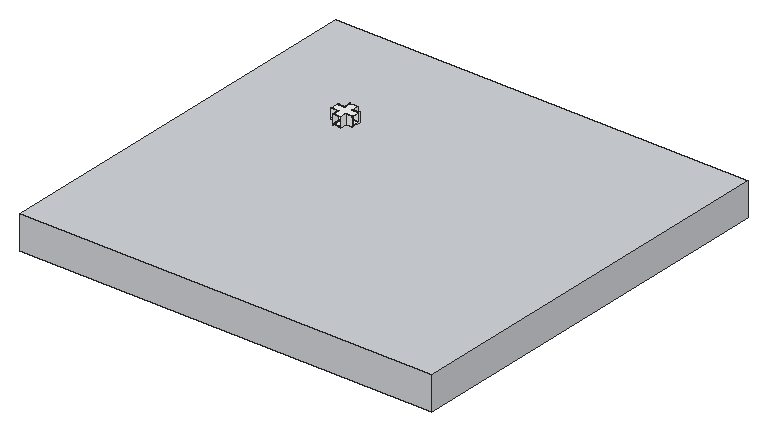
Revit family "en-halla-saza-accessories-suspended-surfacerfa", category Специальное оборудование, Revit 2017
Family settings
  Основа = Грань
  Размер круглого соединителя = Использовать диаметр
  Тип детали = Нормальный
  Номер OmniClass = 23.80.70.11.11
  Заголовок OmniClass = General Luminaries, Non Directional
  При загрузке вырезать с полостями = Нет
  Общий = Нет
  Точка расчета площади = Нет
Parameters (values of type "03-0005, W - joint X, metal")
  X on [instance] = if(and(X, Switched on), 1 > 0, 0 > 1)  # yes
  X off [instance] = if(and(X, Switched off), 1 > 0, 0 > 1)  # no
  X = yes
  Výška zavěšení finální [instance] = if(Suspension height > 2000 mm, 2000 mm, if(Suspension height < 10 mm, 10 mm, Suspension height))  # 500 mm
  QR code = "http://file-system.ru/catalog/zdaniya_i_sooruzheniya/interer/osveshchenie/halla_saza_parabolic_louvre_svetilnki/"
  Изготовитель = "HALLA"  # constant formula
  Default Elevation = 1000 mm  # constant formula
  URL = "www.halla.cz"
  Tubus on [instance] = if(and(Tubus, Switched on), 1 > 0, 0 > 1)  # no
  Tubus off [instance] = if(and(Tubus, Switched off), 1 > 0, 0 > 1)  # no
  Tubus = no
  T on [instance] = if(and(T, Switched on), 1 > 0, 0 > 1)  # no
  T off [instance] = if(and(T, Switched off), 1 > 0, 0 > 1)  # no
  T = no
  Switched on [instance] = yes
  Switched off [instance] = not(Switched on)  # no
  Suspension height [instance] = 500 mm
  Right [instance] = if(and(Tubus, [Accessory - right end cap]), 1 > 0, 0 > 1)  # no
  Material of luminaire = "Aluminium"  # constant formula
  Lighting width = 79 mm  # constant formula
  Lighting length = 1000 mm  # constant formula
  Lighting height = 90 mm  # constant formula
  Colour of luminaire = Aluminium - white
  Accessory - right end cap [instance] = no
  Accessory - left end cap [instance] = no
  Accessory - end cap [instance] = SAZA příslušenství - koncovka, kov : 03-0006, E - elox
  Product data url = ""
  Description = ""
  Model = ""
  Left [instance] = if(and(Tubus, [Accessory - left end cap]), 1 > 0, 0 > 1)  # no
  L on [instance] = if(and(L, Switched on), 1 > 0, 0 > 1)  # no
  L off [instance] = if(and(L, Switched off), 1 > 0, 0 > 1)  # no
  L = no
  Код по классификатору = "D5020200"
Types (9, lengths in mm): name | X on | X | Výška zavěšení finální | QR code | Tubus on | Tubus | T on | T | Suspension height | Right | Colour of luminaire | Accessory - right end cap | Accessory - left end cap | Left | L on | L
  (no name) | yes | yes | 500 | "http://file-system.ru/catalog/zdaniya_i_sooruzheniya/interer/osveshchenie/halla_saza_parabolic_louvre_svetilnki/" | no | no | no | no | 500 | no | Aluminium - white | no | no | no | no | no
  03-0003, E - joint 90°, metal | no | no | 500 | "" | no | no | no | no | 500 | no | Aluminium - anodised | no | no | no | yes | yes
  03-0003, W - joint 90°, metal | no | no | 500 | "" | no | no | no | no | 500 | no | Aluminium - white | no | no | no | yes | yes
  03-0001, E - body profile 1000mm | no | no | 500 | "" | yes | yes | no | no | 500 | yes | Aluminium - anodised | yes | yes | yes | no | no
  03-0001, W - body profile 1000mm | no | no | 10 | "" | yes | yes | no | no | 0 | yes | Aluminium - white | yes | yes | yes | no | no
  03-0004, W - joint T, metal | no | no | 500 | "" | no | no | yes | yes | 500 | no | Aluminium - white | no | no | no | no | no
  03-0004, E - joint T, metal | no | no | 500 | "" | no | no | yes | yes | 500 | no | Aluminium - white | no | no | no | no | no
  03-0005, E - joint X, metal | yes | yes | 500 | "" | no | no | no | no | 500 | no | Aluminium - anodised | no | no | no | no | no
  03-0005, W - joint X, metal | yes | yes | 500 | "http://file-system.ru/catalog/zdaniya_i_sooruzheniya/interer/osveshchenie/halla_saza_parabolic_louvre_svetilnki/" | no | no | no | no | 500 | no | Aluminium - white | no | no | no | no | no
Reference planes
  plane 1 "Střed (vpředu/vzadu)": y = 0
  plane 2: z = 0
  plane 3 "Střed (vlevo/vpravo)": x = 0
  plane 4 "BP_Světlo horní": z = 0
  plane 5: x = -500
  plane 6: x = 500
  plane 7: y = 39.5
  plane 8: y = -39.5
  plane 9: y = 18.5
  plane 10: y = -18.5
  plane 11 "Rovina zdroje světla": z = 590
  plane 12: z = 500
  plane 13 "Světlo horní": z = 500
  plane 14: z = 586
  plane 15: x = -400
  plane 16: x = 400
Forms (mm)
  Extrusion 1, solid
    sketch origin (0, 0, 0) x (1, 0, 0) y (0, 1, 0)
      loop
        line (-1940, 1820) -> (-1940, -1847.056) -> (1875.718, -1847.056) -> (1875.718, 1820) -> (-1940, 1820)
    from 0 to -304.8
  Extrusion 2, solid, material "Aluminium - white" <- "Colour of luminaire", visible <- "Tubus"
    sketch origin (-500, 613.788, 1724.2) x (0, 1, 0) y (0, 0, 1)
      loop
        line (-577.288, -1134.2) -> (-577.288, -1136.2) -> (-576.288, -1136.2) -> (-576.288, -1213.2) -> (-651.288, -1213.2) -> (-651.288, -1136.2) -> (-650.288, -1136.2) -> (-650.288, -1134.2) -> (-653.288, -1134.2) -> (-653.288, -1224.2) -> (-651.288, -1224.2) -> (-651.288, -1220.2) -> (-649.288, -1220.2) -> (-649.288, -1218.2) -> (-651.288, -1218.2) -> (-651.288, -1215.2) -> (-640.288, -1215.2) -> (-640.288, -1218.2) -> (-643.288, -1218.2) -> (-643.288, -1220.2) -> (-638.288, -1220.2) -> (-638.288, -1215.2) -> (-589.288, -1215.2) -> (-589.288, -1220.2) -> (-584.288, -1220.2) -> (-584.288, -1218.2) -> (-587.288, -1218.2) -> (-587.288, -1215.2) -> (-576.288, -1215.2) -> (-576.288, -1218.2) -> (-578.288, -1218.2) -> (-578.288, -1220.2) -> (-576.288, -1220.2) -> (-576.288, -1224.2) -> (-574.288, -1224.2) -> (-574.288, -1134.2) -> (-577.288, -1134.2)
    from 0 to 1000 <- "Lighting length"
  Extrusion 3, solid, material "Diffuser - light switched off", visible <- "Tubus off"
    sketch origin (-500, 613.788, 1724.2) x (0, 1, 0) y (0, 0, 1)
      loop
        line (-577.288, -1134.2) -> (-650.288, -1134.2) -> (-650.288, -1136.2) -> (-651.288, -1136.2) -> (-651.288, -1138.2) -> (-650.288, -1138.2) -> (-649.094, -1136.2) -> (-578.481, -1136.2) -> (-577.288, -1138.2) -> (-576.288, -1138.2) -> (-576.288, -1136.2) -> (-577.288, -1136.2) -> (-577.288, -1134.2)
    from 0 to 1000 <- "Lighting length"
  Extrusion 4, solid, material "Diffuser - light switched on", visible <- "Tubus on"
    sketch origin (0, 0, 0) x (0, 1, 0) y (0, 0, 1)
      loop
        line (37.5, 588) -> (36.5, 588) -> (36.5, 590) -> (-36.5, 590) -> (-36.5, 588) -> (-37.5, 588) -> (-37.5, 586) -> (-36.5, 586) -> (-35.307, 588) -> (35.307, 588) -> (36.5, 586) -> (37.5, 586) -> (37.5, 588)
    from -500 to 500
  Sweep 5, solid, material "Aluminium - white" <- "Colour of luminaire", visible <- "L"
    path origin (0, 0, 500) x (-1, 0, 0) y (0, -1, 0)
      loop
        line (500, -39.5) -> (361, -39.5) -> (361, 99.5)
    profile origin (-430.5, 39.5, 500) x (0, 1, 0) y (0, 0, 1)
      loop
        line (0, 0) -> (0, 90) -> (-3, 90) -> (-3, 88) -> (-2, 88) -> (-2, 11) -> (-39.5, 11) -> (-77, 11) -> (-77, 88) -> (-76, 88) -> (-76, 90) -> (-79, 90) -> (-79, 0) -> (-77, 0) -> (-77, 4) -> (-75, 4) -> (-75, 6) -> (-77, 6) -> (-77, 9) -> (-66, 9) -> (-66, 6) -> (-69, 6) -> (-69, 4) -> (-64, 4) -> (-64, 9) -> (-39.5, 9) -> (-15, 9) -> (-15, 4) -> (-10, 4) -> (-10, 6) -> (-13, 6) -> (-13, 9) -> (-2, 9) -> (-2, 6) -> (-4, 6) -> (-4, 4) -> (-2, 4) -> (-2, 0) -> (0, 0)
  Sweep 6, solid, material "Diffuser - light switched off", visible <- "L off"
    path origin (0, 0, 500) x (-1, 0, 0) y (0, -1, 0)
      loop
        line (500, -39.5) -> (361, -39.5) -> (361, 99.5)
    profile origin (-430.5, 39.5, 500) x (0, 1, 0) y (0, 0, 1)
      loop
        line (-3, 90) -> (-76, 90) -> (-76, 88) -> (-77, 88) -> (-77, 86) -> (-76, 86) -> (-74.807, 88) -> (-4.193, 88) -> (-3, 86) -> (-2, 86) -> (-2, 88) -> (-3, 88) -> (-3, 90)
  Sweep 7, solid, material "Diffuser - light switched on", visible <- "L on"
    path origin (0, 0, 500) x (-1, 0, 0) y (0, -1, 0)
      loop
        line (500, -39.5) -> (361, -39.5) -> (361, 99.5)
    profile origin (-430.5, 39.5, 500) x (0, 1, 0) y (0, 0, 1)
      loop
        line (-3, 90) -> (-76, 90) -> (-76, 88) -> (-77, 88) -> (-77, 86) -> (-76, 86) -> (-74.807, 88) -> (-4.193, 88) -> (-3, 86) -> (-2, 86) -> (-2, 88) -> (-3, 88) -> (-3, 90)
  Sweep 8, solid, material "Aluminium - white" <- "Colour of luminaire", visible <- "T"
    path origin (0, 0, 500) x (-1, 0, 0) y (0, -1, 0)
      loop
        line (500, 39.5) -> (440, 39.5) -> (440, 99.5)
    profile origin (-470, -39.5, 500) x (0, 1, 0) y (0, 0, 1)
      loop
        line (2, 4) -> (4, 4) -> (4, 6) -> (2, 6) -> (2, 9) -> (13, 9) -> (13, 6) -> (10, 6) -> (10, 4) -> (15, 4) -> (15, 9) -> (39.5, 9) -> (39.5, 11) -> (2, 11) -> (2, 88) -> (3, 88) -> (3, 90) -> (0, 90) -> (0, 0) -> (2, 0) -> (2, 4)
  Sweep 9, solid, material "Aluminium - white" <- "Colour of luminaire", visible <- "T"
    path origin (0, 0, 500) x (-1, 0, 0) y (0, -1, 0)
      loop
        line (500, -39.5) -> (301, -39.5)
    profile origin (-400.5, 39.5, 500) x (0, 1, 0) y (0, 0, 1)
      loop
        line (-2, 11) -> (-39.5, 11) -> (-39.5, 9) -> (-15, 9) -> (-15, 4) -> (-10, 4) -> (-10, 6) -> (-13, 6) -> (-13, 9) -> (-2, 9) -> (-2, 6) -> (-4, 6) -> (-4, 4) -> (-2, 4) -> (-2, 0) -> (0, 0) -> (0, 90) -> (-3, 90) -> (-3, 88) -> (-2, 88) -> (-2, 11)
  Sweep 10, solid, material "Aluminium - white" <- "Colour of luminaire", visible <- "T"
    path origin (-801, 0, 500) x (1, 0, 0) y (0, -1, 0)
      loop
        line (500, 39.5) -> (440, 39.5) -> (440, 99.5)
    profile origin (-331, -39.5, 500) x (0, -1, 0) y (0, 0, 1)
      loop
        line (-2, 4) -> (-2, 0) -> (0, 0) -> (0, 90) -> (-3, 90) -> (-3, 88) -> (-2, 88) -> (-2, 11) -> (-39.5, 11) -> (-39.5, 9) -> (-15, 9) -> (-15, 4) -> (-10, 4) -> (-10, 6) -> (-13, 6) -> (-13, 9) -> (-2, 9) -> (-2, 6) -> (-4, 6) -> (-4, 4) -> (-2, 4)
  Sweep 11, solid, material "Diffuser - light switched off", visible <- "T off"
    path origin (0, 0, 500) x (-1, 0, 0) y (0, -1, 0)
      loop
        line (500, -39.5) -> (301, -39.5)
    profile origin (-400.5, 39.5, 500) x (0, 1, 0) y (0, 0, 1)
      loop
        line (-4.193, 88) -> (-3, 86) -> (-2, 86) -> (-2, 88) -> (-3, 88) -> (-3, 90) -> (-39.5, 90) -> (-39.5, 88) -> (-4.193, 88)
  Sweep 12, solid, material "Diffuser - light switched off", visible <- "T off"
    path origin (0, 0, 500) x (-1, 0, 0) y (0, 1, 0)
      loop
        line (500, -39.5) -> (440, -39.5) -> (440, -99.5)
    profile origin (-470, -39.5, 500) x (0, 1, 0) y (0, 0, 1)
      loop
        line (4.193, 88) -> (39.5, 88) -> (39.5, 90) -> (3, 90) -> (3, 88) -> (2, 88) -> (2, 86) -> (3, 86) -> (4.193, 88)
  Sweep 13, solid, material "Diffuser - light switched off", visible <- "T off"
    path origin (-801, 0, 500) x (1, 0, 0) y (0, 1, 0)
      loop
        line (500, -39.5) -> (440, -39.5) -> (440, -99.5)
    profile origin (-331, -39.5, 500) x (0, -1, 0) y (0, 0, 1)
      loop
        line (-4.193, 88) -> (-3, 86) -> (-2, 86) -> (-2, 88) -> (-3, 88) -> (-3, 90) -> (-39.5, 90) -> (-39.5, 88) -> (-4.193, 88)
  Sweep 14, solid, material "Diffuser - light switched on", visible <- "T on"
    path origin (0, 0, 500) x (-1, 0, 0) y (0, -1, 0)
      loop
        line (500, -39.5) -> (301, -39.5)
    profile origin (-400.5, 39.5, 500) x (0, 1, 0) y (0, 0, 1)
      loop
        line (-4.193, 88) -> (-3, 86) -> (-2, 86) -> (-2, 88) -> (-3, 88) -> (-3, 90) -> (-39.5, 90) -> (-39.5, 88) -> (-4.193, 88)
  Sweep 15, solid, material "Diffuser - light switched on", visible <- "T on"
    path origin (0, 0, 500) x (-1, 0, 0) y (0, 1, 0)
      loop
        line (500, -39.5) -> (440, -39.5) -> (440, -99.5)
    profile origin (-470, -39.5, 500) x (0, 1, 0) y (0, 0, 1)
      loop
        line (4.193, 88) -> (39.5, 88) -> (39.5, 90) -> (3, 90) -> (3, 88) -> (2, 88) -> (2, 86) -> (3, 86) -> (4.193, 88)
  Sweep 16, solid, material "Diffuser - light switched on", visible <- "T on"
    path origin (-801, 0, 500) x (1, 0, 0) y (0, 1, 0)
      loop
        line (500, -39.5) -> (440, -39.5) -> (440, -99.5)
    profile origin (-331, -39.5, 500) x (0, -1, 0) y (0, 0, 1)
      loop
        line (-4.193, 88) -> (-3, 86) -> (-2, 86) -> (-2, 88) -> (-3, 88) -> (-3, 90) -> (-39.5, 90) -> (-39.5, 88) -> (-4.193, 88)
  Sweep 17, solid, material "Aluminium - white" <- "Colour of luminaire", visible <- "X"
    path origin (0, 0, 500) x (-1, 0, 0) y (0, -1, 0)
      loop
        line (500, 39.5) -> (440, 39.5) -> (440, 99.5)
    profile origin (-470, -39.5, 500) x (0, 1, 0) y (0, 0, 1)
      loop
        line (2, 4) -> (4, 4) -> (4, 6) -> (2, 6) -> (2, 9) -> (13, 9) -> (13, 6) -> (10, 6) -> (10, 4) -> (15, 4) -> (15, 9) -> (39.5, 9) -> (39.5, 11) -> (2, 11) -> (2, 88) -> (3, 88) -> (3, 90) -> (0, 90) -> (0, 0) -> (2, 0) -> (2, 4)
  Sweep 18, solid, material "Diffuser - light switched on", visible <- "X on"
    path origin (0, 0, 500) x (-1, 0, 0) y (0, 1, 0)
      loop
        line (500, -39.5) -> (440, -39.5) -> (440, -99.5)
    profile origin (-470, -39.5, 500) x (0, 1, 0) y (0, 0, 1)
      loop
        line (4.193, 88) -> (39.5, 88) -> (39.5, 90) -> (3, 90) -> (3, 88) -> (2, 88) -> (2, 86) -> (3, 86) -> (4.193, 88)
  Sweep 19, solid, material "Diffuser - light switched on", visible <- "X on"
    path origin (0, 0, 500) x (-1, 0, 0) y (0, 1, 0)
      loop
        line (500, -39.5) -> (440, -39.5) -> (440, -99.5)
    profile origin (-470, -39.5, 500) x (0, 1, 0) y (0, 0, 1)
      loop
        line (4.193, 88) -> (39.5, 88) -> (39.5, 90) -> (3, 90) -> (3, 88) -> (2, 88) -> (2, 86) -> (3, 86) -> (4.193, 88)
  Sweep 20, solid, material "Aluminium - white" <- "Colour of luminaire", visible <- "X"
    path origin (-801, 0, 500) x (1, 0, 0) y (0, -1, 0)
      loop
        line (500, 39.5) -> (440, 39.5) -> (440, 99.5)
    profile origin (-331, -39.5, 500) x (0, -1, 0) y (0, 0, 1)
      loop
        line (-2, 4) -> (-2, 0) -> (0, 0) -> (0, 90) -> (-3, 90) -> (-3, 88) -> (-2, 88) -> (-2, 11) -> (-39.5, 11) -> (-39.5, 9) -> (-15, 9) -> (-15, 4) -> (-10, 4) -> (-10, 6) -> (-13, 6) -> (-13, 9) -> (-2, 9) -> (-2, 6) -> (-4, 6) -> (-4, 4) -> (-2, 4)
  Sweep 21, solid, material "Diffuser - light switched on", visible <- "X on"
    path origin (-801, 0, 500) x (1, 0, 0) y (0, 1, 0)
      loop
        line (500, -39.5) -> (440, -39.5) -> (440, -99.5)
    profile origin (-331, -39.5, 500) x (0, -1, 0) y (0, 0, 1)
      loop
        line (-4.193, 88) -> (-3, 86) -> (-2, 86) -> (-2, 88) -> (-3, 88) -> (-3, 90) -> (-39.5, 90) -> (-39.5, 88) -> (-4.193, 88)
  Sweep 22, solid, material "Diffuser - light switched on", visible <- "X on"
    path origin (-801, 0, 500) x (1, 0, 0) y (0, 1, 0)
      loop
        line (500, -39.5) -> (440, -39.5) -> (440, -99.5)
    profile origin (-331, -39.5, 500) x (0, -1, 0) y (0, 0, 1)
      loop
        line (-4.193, 88) -> (-3, 86) -> (-2, 86) -> (-2, 88) -> (-3, 88) -> (-3, 90) -> (-39.5, 90) -> (-39.5, 88) -> (-4.193, 88)
  Sweep 23, solid, material "Aluminium - white" <- "Colour of luminaire", visible <- "X"
    path origin (0, 0, 500) x (-1, 0, 0) y (0, 1, 0)
      loop
        line (500, 39.5) -> (440, 39.5) -> (440, 99.5)
    profile origin (-470, 39.5, 500) x (0, 1, 0) y (0, 0, 1)
      loop
        line (-2, 4) -> (-2, 0) -> (0, 0) -> (0, 90) -> (-3, 90) -> (-3, 88) -> (-2, 88) -> (-2, 11) -> (-39.5, 11) -> (-39.5, 9) -> (-15, 9) -> (-15, 4) -> (-10, 4) -> (-10, 6) -> (-13, 6) -> (-13, 9) -> (-2, 9) -> (-2, 6) -> (-4, 6) -> (-4, 4) -> (-2, 4)
  Sweep 24, solid, material "Diffuser - light switched on", visible <- "X on"
    path origin (0, 0, 500) x (-1, 0, 0) y (0, -1, 0)
      loop
        line (500, -39.5) -> (440, -39.5) -> (440, -99.5)
    profile origin (-470, 39.5, 500) x (0, 1, 0) y (0, 0, 1)
      loop
        line (-4.193, 88) -> (-3, 86) -> (-2, 86) -> (-2, 88) -> (-3, 88) -> (-3, 90) -> (-39.5, 90) -> (-39.5, 88) -> (-4.193, 88)
  Sweep 25, solid, material "Diffuser - light switched on", visible <- "X on"
    path origin (0, 0, 500) x (-1, 0, 0) y (0, -1, 0)
      loop
        line (500, -39.5) -> (440, -39.5) -> (440, -99.5)
    profile origin (-470, 39.5, 500) x (0, 1, 0) y (0, 0, 1)
      loop
        line (-4.193, 88) -> (-3, 86) -> (-2, 86) -> (-2, 88) -> (-3, 88) -> (-3, 90) -> (-39.5, 90) -> (-39.5, 88) -> (-4.193, 88)
  Sweep 26, solid, material "Aluminium - white" <- "Colour of luminaire", visible <- "X"
    path origin (-801, 0, 500) x (1, 0, 0) y (0, 1, 0)
      loop
        line (500, 39.5) -> (440, 39.5) -> (440, 99.5)
    profile origin (-331, 39.5, 500) x (0, -1, 0) y (0, 0, 1)
      loop
        line (2, 4) -> (4, 4) -> (4, 6) -> (2, 6) -> (2, 9) -> (13, 9) -> (13, 6) -> (10, 6) -> (10, 4) -> (15, 4) -> (15, 9) -> (39.5, 9) -> (39.5, 11) -> (2, 11) -> (2, 88) -> (3, 88) -> (3, 90) -> (0, 90) -> (0, 0) -> (2, 0) -> (2, 4)
  Sweep 27, solid, material "Diffuser - light switched on", visible <- "X on"
    path origin (-801, 0, 500) x (1, 0, 0) y (0, -1, 0)
      loop
        line (500, -39.5) -> (440, -39.5) -> (440, -99.5)
    profile origin (-331, 39.5, 500) x (0, -1, 0) y (0, 0, 1)
      loop
        line (4.193, 88) -> (39.5, 88) -> (39.5, 90) -> (3, 90) -> (3, 88) -> (2, 88) -> (2, 86) -> (3, 86) -> (4.193, 88)
  Sweep 28, solid, material "Diffuser - light switched on", visible <- "X on"
    path origin (-801, 0, 500) x (1, 0, 0) y (0, -1, 0)
      loop
        line (500, -39.5) -> (440, -39.5) -> (440, -99.5)
    profile origin (-331, 39.5, 500) x (0, -1, 0) y (0, 0, 1)
      loop
        line (4.193, 88) -> (39.5, 88) -> (39.5, 90) -> (3, 90) -> (3, 88) -> (2, 88) -> (2, 86) -> (3, 86) -> (4.193, 88)
Cuts and joins
  joined: Sweep 11, Sweep 12, Sweep 13
  joined: Sweep 17, Sweep 20, Sweep 23, Sweep 26
  joined: Sweep 18, Sweep 19, Sweep 21, Sweep 22, Sweep 24, Sweep 25, Sweep 27, Sweep 28
  joined: Sweep 14, Sweep 15, Sweep 16
Dimensions and locks
  equal spacing: plane 7, plane 1 "Střed (vpředu/vzadu)", plane 8
  "Lighting width": plane 7 to plane 8
  equal spacing: plane 5, plane 3 "Střed (vlevo/vpravo)", plane 6
  locked: plane 7 to plane 9 at 21
  locked: plane 10 to plane 8 at 21
  "Lighting length": plane 5 to plane 6
  "Lighting height": plane 11 "Rovina zdroje světla" to plane 13 "Světlo horní"
  "Výška zavěšení finální": plane 13 "Světlo horní" to plane 4 "BP_Světlo horní"
  "Lighting height": plane 11 "Rovina zdroje světla" to plane 12
  locked: plane 11 "Rovina zdroje světla" to plane 14 at 4
  locked: Extrusion 3 to plane 14 at 2
  locked: plane 5 to plane 15 at 100
  locked: plane 16 to plane 6 at 100
  aligned and locked: Extrusion 1 to plane 2
  aligned and locked: Extrusion 1 to level
  aligned and locked: plane 11 "Rovina zdroje světla" to Extrusion 3
  aligned and locked: Extrusion 3 sketch curve to plane 11 "Rovina zdroje světla"
  aligned and locked: plane 14 to Extrusion 3 sketch curve
  aligned and locked: Extrusion 3 sketch curve to plane 14
  aligned and locked: plane 7 to Extrusion 2 sketch curve
  aligned and locked: Extrusion 2 sketch curve to plane 13 "Světlo horní"
  aligned and locked: plane 13 "Světlo horní" to Extrusion 2 sketch curve
  aligned and locked: nested 2 to plane 5
  aligned and locked: nested 2 to plane 1 "Střed (vpředu/vzadu)"
  aligned and locked: plane 1 "Střed (vpředu/vzadu)" to nested 1
  aligned and locked: plane 6 to nested 1
  aligned and locked: plane 11 "Rovina zdroje světla" to nested 2
  aligned and locked: plane 11 "Rovina zdroje světla" to nested 1
  aligned and locked: Extrusion 3 to plane 14  (x5)
  aligned and locked: Extrusion 4 sketch curve to plane 11 "Rovina zdroje světla"
  aligned and locked: plane 14 to Extrusion 4 sketch curve  (x2)
  aligned and locked: plane 6 to Extrusion 4
  aligned and locked: Extrusion 4 to plane 5
  aligned and locked: Sweep 5 sketch curve to Extrusion 2
Automatic sketch dimensions
  Extrusion 1 sketch curve to Extrusion 1 sketch curve = 3815.718 mm
  Extrusion 1 sketch curve to Extrusion 1 sketch curve = 3667.056 mm
  Extrusion 2 sketch curve to plane 8 = 0 mm
  Extrusion 2 sketch curve to plane 11 "Rovina zdroje světla" = 0 mm  (x2)
  plane 8 to Extrusion 2 sketch curve = 2 mm
  Extrusion 2 sketch curve to Extrusion 2 sketch curve = 2 mm  (x11)
  Extrusion 2 sketch curve to Extrusion 2 sketch curve = 0 mm  (x3)
  Extrusion 2 sketch curve to Extrusion 2 sketch curve = 1 mm
  Extrusion 2 sketch curve to Extrusion 2 sketch curve = 6 mm
  Extrusion 2 sketch curve to Extrusion 2 sketch curve = 3 mm  (x4)
  Extrusion 2 sketch curve to plane 9 = 6 mm
  Extrusion 2 sketch curve to plane 7 = 4 mm
  Extrusion 2 sketch curve to plane 7 = 3 mm
  Extrusion 2 sketch curve to plane 7 = 2 mm
  plane 12 to Extrusion 2 sketch curve = 4 mm  (x4)
  Extrusion 2 sketch curve to plane 11 "Rovina zdroje světla" = 2 mm
  plane 8 to Extrusion 3 sketch curve = 2 mm
  Extrusion 3 sketch curve to Extrusion 3 sketch curve = 1 mm  (x3)
  Extrusion 3 sketch curve to plane 11 "Rovina zdroje světla" = 2 mm  (x2)
  Extrusion 3 sketch curve to Extrusion 3 sketch curve = 1.193 mm  (x2)
  Extrusion 3 sketch curve to plane 7 = 4.193 mm
  Extrusion 3 sketch curve to Extrusion 3 sketch curve = 0 mm  (x2)
  plane 8 to Extrusion 4 sketch curve = 2 mm
  Extrusion 4 sketch curve to Extrusion 4 sketch curve = 1 mm  (x3)
  Extrusion 4 sketch curve to Extrusion 4 sketch curve = 1.193 mm  (x2)
  Extrusion 4 sketch curve to plane 11 "Rovina zdroje světla" = 2 mm
  Extrusion 4 sketch curve to plane 7 = 4.193 mm
  Extrusion 4 sketch curve to Extrusion 4 sketch curve = 0 mm
  Extrusion 4 sketch curve to Extrusion 4 sketch curve = 2 mm  (x2)
  Sweep 5 sketch curve to plane 7 = 0 mm
  Sweep 5 sketch curve to plane 5 = 0 mm
  plane 15 to Sweep 5 sketch curve = 39 mm
  Sweep 5 sketch curve to plane 8 = 60 mm
  Sweep 5 sketch curve to plane 13 "Světlo horní" = 0 mm  (x2)
  Sweep 5 sketch curve to profile plane = 0 mm
  profile plane to Sweep 5 sketch curve = 2 mm  (x3)
  Sweep 5 sketch curve to Sweep 5 sketch curve = 1 mm
  Sweep 5 sketch curve to Sweep 5 sketch curve = 2 mm  (x13)
  Sweep 5 sketch curve to Sweep 5 sketch curve = 6 mm  (x2)
  Sweep 5 sketch curve to Sweep 5 sketch curve = 3 mm  (x4)
  plane 13 "Světlo horní" to Sweep 5 sketch curve = 9 mm
  Sweep 5 sketch curve to Sweep 5 sketch curve = 24.5 mm  (x2)
  Sweep 5 sketch curve to Sweep 5 sketch curve = 0 mm  (x3)
  Sweep 5 sketch curve to Sweep 5 sketch curve = 73 mm
  plane 13 "Světlo horní" to Sweep 5 sketch curve = 4 mm  (x3)
  Sweep 5 sketch curve to Sweep 5 sketch curve = 77 mm
  Sweep 6 sketch curve to plane 7 = 0 mm
  Sweep 6 sketch curve to plane 5 = 0 mm
  plane 15 to Sweep 6 sketch curve = 39 mm
  Sweep 6 sketch curve to plane 8 = 60 mm
  profile plane to Sweep 6 sketch curve = 77 mm
  Sweep 6 sketch curve to Sweep 6 sketch curve = 1 mm  (x3)
  Sweep 6 sketch curve to Sweep 6 sketch curve = 1.193 mm  (x3)
  profile plane to Sweep 6 sketch curve = 4.193 mm
  plane 13 "Světlo horní" to Sweep 6 sketch curve = 86 mm
  Sweep 6 sketch curve to Sweep 6 sketch curve = 0 mm  (x3)
  Sweep 6 sketch curve to Sweep 6 sketch curve = 2 mm  (x2)
  Sweep 7 sketch curve to plane 7 = 0 mm
  Sweep 7 sketch curve to plane 5 = 0 mm
  plane 15 to Sweep 7 sketch curve = 39 mm
  Sweep 7 sketch curve to plane 8 = 60 mm
  profile plane to Sweep 7 sketch curve = 77 mm
  Sweep 7 sketch curve to Sweep 7 sketch curve = 1 mm  (x3)
  Sweep 7 sketch curve to Sweep 7 sketch curve = 1.193 mm  (x3)
  profile plane to Sweep 7 sketch curve = 4.193 mm
  plane 13 "Světlo horní" to Sweep 7 sketch curve = 86 mm
  Sweep 7 sketch curve to Sweep 7 sketch curve = 0 mm  (x3)
  Sweep 7 sketch curve to Sweep 7 sketch curve = 2 mm  (x2)
  Sweep 8 sketch curve to plane 8 = 0 mm
  Sweep 8 sketch curve to plane 5 = 0 mm
  Sweep 8 sketch curve to plane 15 = 40 mm
  Sweep 8 sketch curve to plane 8 = 60 mm
  Sweep 8 sketch curve to profile plane = 0 mm
  Sweep 8 sketch curve to plane 13 "Světlo horní" = 0 mm
  Sweep 8 sketch curve to Sweep 8 sketch curve = 2 mm  (x7)
  Sweep 8 sketch curve to profile plane = 2 mm  (x2)
  Sweep 8 sketch curve to Sweep 8 sketch curve = 1 mm
  Sweep 8 sketch curve to Sweep 8 sketch curve = 6 mm
  Sweep 8 sketch curve to Sweep 8 sketch curve = 3 mm  (x2)
  plane 13 "Světlo horní" to Sweep 8 sketch curve = 11 mm
  Sweep 8 sketch curve to Sweep 8 sketch curve = 24.5 mm
  plane 13 "Světlo horní" to Sweep 8 sketch curve = 4 mm  (x2)
  Sweep 8 sketch curve to Sweep 8 sketch curve = 77 mm
  Sweep 9 sketch curve to plane 7 = 0 mm
  Sweep 9 sketch curve to plane 5 = 0 mm
  plane 15 to Sweep 9 sketch curve = 99 mm
  Sweep 9 sketch curve to plane 13 "Světlo horní" = 0 mm
  Sweep 9 sketch curve to profile plane = 0 mm
  profile plane to Sweep 9 sketch curve = 2 mm
  Sweep 9 sketch curve to Sweep 9 sketch curve = 0 mm  (x2)
  Sweep 9 sketch curve to Sweep 9 sketch curve = 2 mm  (x7)
  Sweep 9 sketch curve to Sweep 9 sketch curve = 1 mm
  Sweep 9 sketch curve to Sweep 9 sketch curve = 6 mm
  Sweep 9 sketch curve to Sweep 9 sketch curve = 3 mm
  plane 13 "Světlo horní" to Sweep 9 sketch curve = 11 mm
  Sweep 9 sketch curve to Sweep 9 sketch curve = 24.5 mm
  Sweep 9 sketch curve to Sweep 9 sketch curve = 4 mm
  plane 13 "Světlo horní" to Sweep 9 sketch curve = 4 mm
  Sweep 9 sketch curve to Sweep 9 sketch curve = 77 mm
  Sweep 10 sketch curve to plane 8 = 0 mm
  Sweep 10 sketch curve to plane 15 = 39 mm
  Sweep 10 sketch curve to Sweep 10 sketch curve = 60 mm
  plane 8 to Sweep 10 sketch curve = 60 mm
  Sweep 10 sketch curve to plane 13 "Světlo horní" = 0 mm
  Sweep 10 sketch curve to profile plane = 0 mm
  profile plane to Sweep 10 sketch curve = 2 mm  (x3)
  Sweep 10 sketch curve to Sweep 10 sketch curve = 1 mm
  Sweep 10 sketch curve to Sweep 10 sketch curve = 2 mm  (x6)
  Sweep 10 sketch curve to Sweep 10 sketch curve = 6 mm
  Sweep 10 sketch curve to Sweep 10 sketch curve = 3 mm  (x2)
  plane 13 "Světlo horní" to Sweep 10 sketch curve = 11 mm
  Sweep 10 sketch curve to Sweep 10 sketch curve = 24.5 mm
  Sweep 10 sketch curve to Sweep 10 sketch curve = 4 mm
  plane 13 "Světlo horní" to Sweep 10 sketch curve = 4 mm
  Sweep 10 sketch curve to Sweep 10 sketch curve = 77 mm
  Sweep 11 sketch curve to plane 7 = 0 mm
  Sweep 11 sketch curve to plane 5 = 0 mm
  plane 15 to Sweep 11 sketch curve = 99 mm
  profile plane to Sweep 11 sketch curve = 39.5 mm
  profile plane to Sweep 11 sketch curve = 4.193 mm
  Sweep 11 sketch curve to Sweep 11 sketch curve = 1.193 mm
  Sweep 11 sketch curve to Sweep 11 sketch curve = 0 mm  (x2)
  Sweep 11 sketch curve to Sweep 11 sketch curve = 1 mm
  plane 13 "Světlo horní" to Sweep 11 sketch curve = 86 mm
  Sweep 11 sketch curve to Sweep 11 sketch curve = 2 mm  (x2)
  Sweep 12 sketch curve to plane 8 = 0 mm
  Sweep 12 sketch curve to plane 5 = 0 mm
  plane 15 to Sweep 12 sketch curve = 40 mm
  plane 8 to Sweep 12 sketch curve = 60 mm
  Sweep 12 sketch curve to profile plane = 2 mm
  Sweep 12 sketch curve to Sweep 12 sketch curve = 1 mm  (x2)
  Sweep 12 sketch curve to Sweep 12 sketch curve = 1.193 mm
  Sweep 12 sketch curve to Sweep 12 sketch curve = 35.307 mm
  plane 13 "Světlo horní" to Sweep 12 sketch curve = 86 mm
  Sweep 12 sketch curve to Sweep 12 sketch curve = 2 mm  (x2)
  Sweep 12 sketch curve to Sweep 12 sketch curve = 0 mm
  Sweep 13 sketch curve to plane 8 = 0 mm
  plane 15 to Sweep 13 sketch curve = 39 mm
  Sweep 13 sketch curve to Sweep 13 sketch curve = 60 mm
  Sweep 13 sketch curve to plane 8 = 60 mm
  profile plane to Sweep 13 sketch curve = 39.5 mm
  profile plane to Sweep 13 sketch curve = 4.193 mm
  Sweep 13 sketch curve to Sweep 13 sketch curve = 1.193 mm
  Sweep 13 sketch curve to Sweep 13 sketch curve = 0 mm  (x2)
  Sweep 13 sketch curve to Sweep 13 sketch curve = 1 mm
  plane 13 "Světlo horní" to Sweep 13 sketch curve = 86 mm
  Sweep 13 sketch curve to Sweep 13 sketch curve = 2 mm  (x2)
  Sweep 14 sketch curve to plane 7 = 0 mm
  Sweep 14 sketch curve to plane 5 = 0 mm
  plane 15 to Sweep 14 sketch curve = 99 mm
  profile plane to Sweep 14 sketch curve = 39.5 mm
  profile plane to Sweep 14 sketch curve = 4.193 mm
  Sweep 14 sketch curve to Sweep 14 sketch curve = 1.193 mm
  Sweep 14 sketch curve to Sweep 14 sketch curve = 0 mm  (x2)
  Sweep 14 sketch curve to Sweep 14 sketch curve = 1 mm
  plane 13 "Světlo horní" to Sweep 14 sketch curve = 86 mm
  Sweep 14 sketch curve to Sweep 14 sketch curve = 2 mm  (x2)
  Sweep 15 sketch curve to plane 8 = 0 mm
  Sweep 15 sketch curve to plane 5 = 0 mm
  plane 15 to Sweep 15 sketch curve = 40 mm
  plane 8 to Sweep 15 sketch curve = 60 mm
  Sweep 15 sketch curve to profile plane = 2 mm
  Sweep 15 sketch curve to Sweep 15 sketch curve = 1 mm  (x2)
  Sweep 15 sketch curve to Sweep 15 sketch curve = 1.193 mm
  Sweep 15 sketch curve to Sweep 15 sketch curve = 35.307 mm
  plane 13 "Světlo horní" to Sweep 15 sketch curve = 86 mm
  Sweep 15 sketch curve to Sweep 15 sketch curve = 2 mm  (x2)
  Sweep 15 sketch curve to Sweep 15 sketch curve = 0 mm
  Sweep 16 sketch curve to plane 8 = 0 mm
  plane 15 to Sweep 16 sketch curve = 39 mm
  Sweep 16 sketch curve to Sweep 16 sketch curve = 60 mm
  Sweep 16 sketch curve to plane 8 = 60 mm
  profile plane to Sweep 16 sketch curve = 39.5 mm
  profile plane to Sweep 16 sketch curve = 4.193 mm
  Sweep 16 sketch curve to Sweep 16 sketch curve = 1.193 mm
  Sweep 16 sketch curve to Sweep 16 sketch curve = 0 mm  (x2)
  Sweep 16 sketch curve to Sweep 16 sketch curve = 1 mm
  plane 13 "Světlo horní" to Sweep 16 sketch curve = 86 mm
  Sweep 16 sketch curve to Sweep 16 sketch curve = 2 mm  (x2)
  Sweep 17 sketch curve to plane 8 = 0 mm
  Sweep 17 sketch curve to plane 5 = 0 mm
  Sweep 17 sketch curve to plane 15 = 40 mm
  Sweep 17 sketch curve to plane 8 = 60 mm
  Sweep 17 sketch curve to profile plane = 0 mm
  Sweep 17 sketch curve to plane 13 "Světlo horní" = 0 mm
  Sweep 17 sketch curve to Sweep 17 sketch curve = 2 mm  (x7)
  Sweep 17 sketch curve to profile plane = 2 mm  (x2)
  Sweep 17 sketch curve to Sweep 17 sketch curve = 1 mm
  Sweep 17 sketch curve to Sweep 17 sketch curve = 6 mm
  Sweep 17 sketch curve to Sweep 17 sketch curve = 3 mm  (x2)
  plane 13 "Světlo horní" to Sweep 17 sketch curve = 11 mm
  Sweep 17 sketch curve to Sweep 17 sketch curve = 24.5 mm
  plane 13 "Světlo horní" to Sweep 17 sketch curve = 4 mm  (x2)
  Sweep 17 sketch curve to Sweep 17 sketch curve = 77 mm
  Sweep 18 sketch curve to plane 8 = 0 mm
  Sweep 18 sketch curve to plane 5 = 0 mm
  plane 15 to Sweep 18 sketch curve = 40 mm
  plane 8 to Sweep 18 sketch curve = 60 mm
  Sweep 18 sketch curve to profile plane = 2 mm
  Sweep 18 sketch curve to Sweep 18 sketch curve = 1 mm  (x2)
  Sweep 18 sketch curve to Sweep 18 sketch curve = 1.193 mm
  Sweep 18 sketch curve to Sweep 18 sketch curve = 35.307 mm
  plane 13 "Světlo horní" to Sweep 18 sketch curve = 86 mm
  Sweep 18 sketch curve to Sweep 18 sketch curve = 2 mm  (x2)
  Sweep 18 sketch curve to Sweep 18 sketch curve = 0 mm
  Sweep 19 sketch curve to plane 8 = 0 mm
  Sweep 19 sketch curve to plane 5 = 0 mm
  plane 15 to Sweep 19 sketch curve = 40 mm
  plane 8 to Sweep 19 sketch curve = 60 mm
  Sweep 19 sketch curve to profile plane = 2 mm
  Sweep 19 sketch curve to Sweep 19 sketch curve = 1 mm  (x2)
  Sweep 19 sketch curve to Sweep 19 sketch curve = 1.193 mm
  Sweep 19 sketch curve to Sweep 19 sketch curve = 35.307 mm
  plane 13 "Světlo horní" to Sweep 19 sketch curve = 86 mm
  Sweep 19 sketch curve to Sweep 19 sketch curve = 2 mm  (x2)
  Sweep 19 sketch curve to Sweep 19 sketch curve = 0 mm
  Sweep 20 sketch curve to plane 8 = 0 mm
  Sweep 20 sketch curve to plane 15 = 39 mm
  Sweep 20 sketch curve to Sweep 20 sketch curve = 60 mm
  plane 8 to Sweep 20 sketch curve = 60 mm
  Sweep 20 sketch curve to plane 13 "Světlo horní" = 0 mm
  Sweep 20 sketch curve to profile plane = 0 mm
  profile plane to Sweep 20 sketch curve = 2 mm  (x3)
  Sweep 20 sketch curve to Sweep 20 sketch curve = 1 mm
  Sweep 20 sketch curve to Sweep 20 sketch curve = 2 mm  (x6)
  Sweep 20 sketch curve to Sweep 20 sketch curve = 6 mm
  Sweep 20 sketch curve to Sweep 20 sketch curve = 3 mm  (x2)
  plane 13 "Světlo horní" to Sweep 20 sketch curve = 11 mm
  Sweep 20 sketch curve to Sweep 20 sketch curve = 24.5 mm
  Sweep 20 sketch curve to Sweep 20 sketch curve = 4 mm
  plane 13 "Světlo horní" to Sweep 20 sketch curve = 4 mm
  Sweep 20 sketch curve to Sweep 20 sketch curve = 77 mm
  Sweep 21 sketch curve to plane 8 = 0 mm
  plane 15 to Sweep 21 sketch curve = 39 mm
  Sweep 21 sketch curve to Sweep 21 sketch curve = 60 mm
  Sweep 21 sketch curve to plane 8 = 60 mm
  profile plane to Sweep 21 sketch curve = 39.5 mm
  profile plane to Sweep 21 sketch curve = 4.193 mm
  Sweep 21 sketch curve to Sweep 21 sketch curve = 1.193 mm
  Sweep 21 sketch curve to Sweep 21 sketch curve = 0 mm  (x2)
  Sweep 21 sketch curve to Sweep 21 sketch curve = 1 mm
  plane 13 "Světlo horní" to Sweep 21 sketch curve = 86 mm
  Sweep 21 sketch curve to Sweep 21 sketch curve = 2 mm  (x2)
  Sweep 22 sketch curve to plane 8 = 0 mm
  plane 15 to Sweep 22 sketch curve = 39 mm
  Sweep 22 sketch curve to Sweep 22 sketch curve = 60 mm
  Sweep 22 sketch curve to plane 8 = 60 mm
  profile plane to Sweep 22 sketch curve = 39.5 mm
  profile plane to Sweep 22 sketch curve = 4.193 mm
  Sweep 22 sketch curve to Sweep 22 sketch curve = 1.193 mm
  Sweep 22 sketch curve to Sweep 22 sketch curve = 0 mm  (x2)
  Sweep 22 sketch curve to Sweep 22 sketch curve = 1 mm
  plane 13 "Světlo horní" to Sweep 22 sketch curve = 86 mm
  Sweep 22 sketch curve to Sweep 22 sketch curve = 2 mm  (x2)
  Sweep 23 sketch curve to plane 7 = 0 mm
  Sweep 23 sketch curve to plane 5 = 0 mm
  plane 15 to Sweep 23 sketch curve = 40 mm
  Sweep 23 sketch curve to Sweep 23 sketch curve = 60 mm
  Sweep 23 sketch curve to plane 13 "Světlo horní" = 0 mm
  Sweep 23 sketch curve to profile plane = 0 mm
  profile plane to Sweep 23 sketch curve = 2 mm  (x3)
  Sweep 23 sketch curve to Sweep 23 sketch curve = 1 mm
  Sweep 23 sketch curve to Sweep 23 sketch curve = 2 mm  (x6)
  Sweep 23 sketch curve to Sweep 23 sketch curve = 6 mm
  Sweep 23 sketch curve to Sweep 23 sketch curve = 3 mm  (x2)
  plane 13 "Světlo horní" to Sweep 23 sketch curve = 11 mm
  Sweep 23 sketch curve to Sweep 23 sketch curve = 24.5 mm
  plane 13 "Světlo horní" to Sweep 23 sketch curve = 4 mm  (x2)
  Sweep 23 sketch curve to Sweep 23 sketch curve = 77 mm
  Sweep 24 sketch curve to plane 7 = 0 mm
  Sweep 24 sketch curve to plane 5 = 0 mm
  Sweep 24 sketch curve to plane 15 = 40 mm
  Sweep 24 sketch curve to Sweep 24 sketch curve = 60 mm
  profile plane to Sweep 24 sketch curve = 39.5 mm
  profile plane to Sweep 24 sketch curve = 4.193 mm
  Sweep 24 sketch curve to Sweep 24 sketch curve = 1.193 mm
  Sweep 24 sketch curve to Sweep 24 sketch curve = 0 mm  (x2)
  Sweep 24 sketch curve to Sweep 24 sketch curve = 1 mm
  plane 13 "Světlo horní" to Sweep 24 sketch curve = 86 mm
  Sweep 24 sketch curve to Sweep 24 sketch curve = 2 mm  (x2)
  Sweep 25 sketch curve to plane 7 = 0 mm
  Sweep 25 sketch curve to plane 5 = 0 mm
  Sweep 25 sketch curve to plane 15 = 40 mm
  Sweep 25 sketch curve to Sweep 25 sketch curve = 60 mm
  profile plane to Sweep 25 sketch curve = 39.5 mm
  profile plane to Sweep 25 sketch curve = 4.193 mm
  Sweep 25 sketch curve to Sweep 25 sketch curve = 1.193 mm
  Sweep 25 sketch curve to Sweep 25 sketch curve = 0 mm  (x2)
  Sweep 25 sketch curve to Sweep 25 sketch curve = 1 mm
  plane 13 "Světlo horní" to Sweep 25 sketch curve = 86 mm
  Sweep 25 sketch curve to Sweep 25 sketch curve = 2 mm  (x2)
  Sweep 26 sketch curve to plane 7 = 0 mm
  plane 15 to Sweep 26 sketch curve = 39 mm
  Sweep 26 sketch curve to Sweep 26 sketch curve = 60 mm  (x2)
  Sweep 26 sketch curve to profile plane = 0 mm
  Sweep 26 sketch curve to plane 13 "Světlo horní" = 0 mm
  Sweep 26 sketch curve to Sweep 26 sketch curve = 2 mm  (x7)
  Sweep 26 sketch curve to profile plane = 2 mm  (x2)
  Sweep 26 sketch curve to Sweep 26 sketch curve = 1 mm
  Sweep 26 sketch curve to Sweep 26 sketch curve = 6 mm
  Sweep 26 sketch curve to Sweep 26 sketch curve = 3 mm  (x2)
  plane 13 "Světlo horní" to Sweep 26 sketch curve = 11 mm
  Sweep 26 sketch curve to Sweep 26 sketch curve = 24.5 mm
  Sweep 26 sketch curve to Sweep 26 sketch curve = 4 mm
  plane 13 "Světlo horní" to Sweep 26 sketch curve = 4 mm
  Sweep 26 sketch curve to Sweep 26 sketch curve = 77 mm
  Sweep 27 sketch curve to plane 7 = 0 mm
  Sweep 27 sketch curve to plane 15 = 39 mm
  Sweep 27 sketch curve to Sweep 27 sketch curve = 60 mm  (x2)
  Sweep 27 sketch curve to profile plane = 2 mm
  Sweep 27 sketch curve to Sweep 27 sketch curve = 1 mm  (x2)
  Sweep 27 sketch curve to Sweep 27 sketch curve = 1.193 mm
  Sweep 27 sketch curve to Sweep 27 sketch curve = 35.307 mm
  plane 13 "Světlo horní" to Sweep 27 sketch curve = 86 mm
  Sweep 27 sketch curve to Sweep 27 sketch curve = 2 mm  (x2)
  Sweep 27 sketch curve to Sweep 27 sketch curve = 0 mm
  Sweep 28 sketch curve to plane 7 = 0 mm
  Sweep 28 sketch curve to plane 15 = 39 mm
  Sweep 28 sketch curve to Sweep 28 sketch curve = 60 mm  (x2)
  Sweep 28 sketch curve to profile plane = 2 mm
  Sweep 28 sketch curve to Sweep 28 sketch curve = 1 mm  (x2)
  Sweep 28 sketch curve to Sweep 28 sketch curve = 1.193 mm
  Sweep 28 sketch curve to Sweep 28 sketch curve = 35.307 mm
  plane 13 "Světlo horní" to Sweep 28 sketch curve = 86 mm
  Sweep 28 sketch curve to Sweep 28 sketch curve = 2 mm  (x2)
  Sweep 28 sketch curve to Sweep 28 sketch curve = 0 mm
Nested families
  nested 1: "SAZA příslušenství - koncovka, kov" at (500, 0, 26), visible <- "Right", type <- "Accessory - end cap", type "03-0006, E - elox"
  nested 2: "SAZA příslušenství - koncovka, kov" at (-500, 0, 26) x (-1, 0, 0) z (0, 0, 1), visible <- "Left", type <- "Accessory - end cap", type "03-0006, E - elox"
Definition of nested family "SAZA příslušenství - koncovka, kov"
  Parameters
    Manufacturer = "HALLA"  # constant formula
    Default Elevation = 0 mm
    URL = "http://www.halla.cz"
    Description = ""
    Model = ""
    Assembly Code = "D5020200"
    Keynote = ""
    Barva svítidla = none
  Reference planes
    plane 1 "Střed (vpředu/vzadu)": y = 0
    plane 2: z = 0
    plane 3 "Střed (vlevo/vpravo)": x = 0
    plane 4: z = 564
  Forms (mm)
    Extrusion 1, solid, material <- "Barva svítidla"
      sketch origin (0, 0, 0) x (1, 0, 0) y (0, 0, 1)
        loop
          line (0, 564) -> (0, 474) -> (0.8, 474) -> (0.8, 564) -> (0, 564)
      from -39.5 to 39.5
  Dimensions and locks
    plane 4 to plane 2 = 564 mm
    locked: Extrusion 1 sketch curve to plane 3 "Střed (vlevo/vpravo)" at 0.8
    locked: plane 4 to Extrusion 1 sketch curve at 90
    equal spacing: Extrusion 1, plane 1 "Střed (vpředu/vzadu)", Extrusion 1
    locked: Extrusion 1 to Extrusion 1 at 79
    aligned and locked: level to plane 2
  Automatic sketch dimensions
    Extrusion 1 sketch curve to plane 3 "Střed (vlevo/vpravo)" = 0 mm
    Extrusion 1 sketch curve to plane 4 = 0 mm
